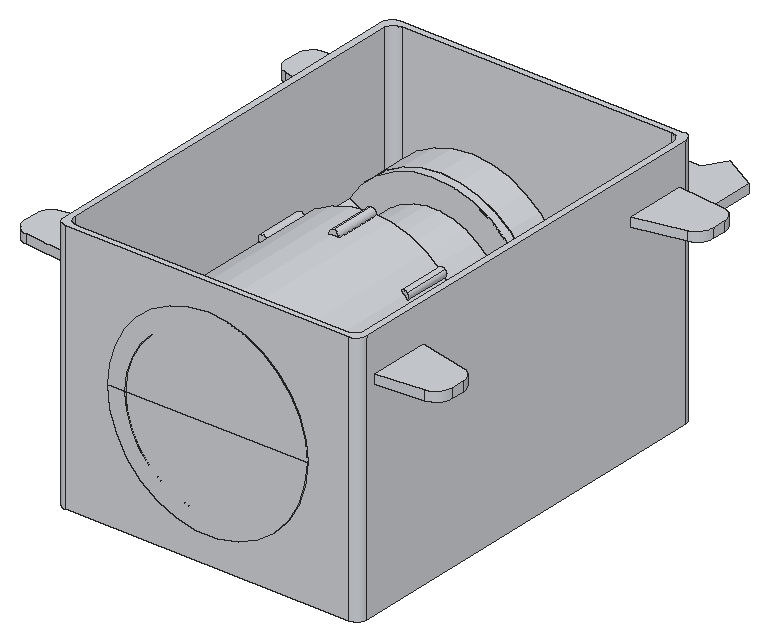
Revit family
Parameters
  Waste Connection = no
  Vent Connection = no
  URL = "www.SiouxChief.com"
  Model = "696-12P"
  Manufacturer = "Sioux Chief Manufacturing"
  Inlet Connector Type = ""
  HW Connection = no
  Frame Visibility [instance] = no
  Description = "2\" TurboVet w/Oxbox"
  Default Elevation = 40.00"
  CW Connection = no
Reference planes (in)
  plane 1 "Center (Front/Back)": y = 0
  plane 2: z = 0
  plane 3 "Center (Left/Right)": x = 0
Forms (in)
  Extrusion 1, solid, not visible
    sketch origin (0, 0, 0) x (1, 0, 0) y (0, 1, 0)
      loop
        line (-48, 48) -> (-48, -48) -> (48, -48) -> (48, 48) -> (-48, 48)
    from 0 to -12
  Extrusion 2, solid
    sketch origin (-7.70397, -2.8125, -0.625) x (1, 0, 0) y (0, 1, 0)
      loop
        line (9.74457, 5.38) -> (9.74457, 4.5495) -> (10.41144, 4.7033)
        arc (10.41144, 4.7033) -> (10.53349, 4.78027) -> (10.58107, 4.9165) r 0.2188
        line (10.58107, 4.9165) -> (10.58107, 5.0987)
        arc (10.58107, 5.0987) -> (10.52446, 5.24556) -> (10.38392, 5.31643) r 0.2188
        line (10.38392, 5.31643) -> (9.74457, 5.38)
    from 0 to 0.125
  Extrusion 3, solid
    sketch origin (7.70397, -2.8125, -0.625) x (-1, 0, 0) y (0, -1, 0)
      loop
        line (9.74457, -5.38) -> (10.38392, -5.31643)
        arc (10.38392, -5.31643) -> (10.52446, -5.24556) -> (10.58107, -5.0987) r 0.2188
        line (10.58107, -5.0987) -> (10.58107, -4.9165)
        arc (10.58107, -4.9165) -> (10.53349, -4.78027) -> (10.41144, -4.7033) r 0.2188
        line (10.41144, -4.7033) -> (9.74457, -4.5495) -> (9.74457, -5.38)
    from 0 to 0.125
  Extrusion 4, solid
    sketch origin (-7.70397, 2.8125, -0.625) x (1, 0, 0) y (0, 1, 0)
      loop
        line (9.74457, -5.38) -> (10.38392, -5.31643)
        arc (10.38392, -5.31643) -> (10.52446, -5.24556) -> (10.58107, -5.0987) r 0.2188
        line (10.58107, -5.0987) -> (10.58107, -4.9165)
        arc (10.58107, -4.9165) -> (10.53349, -4.78027) -> (10.41144, -4.7033) r 0.2188
        line (10.41144, -4.7033) -> (9.74457, -4.5495) -> (9.74457, -5.38)
    from 0 to 0.125
  Extrusion 5, solid
    sketch origin (7.70397, 2.8125, -0.625) x (-1, 0, 0) y (0, -1, 0)
      loop
        line (9.74457, 5.38) -> (9.74457, 4.5495) -> (10.41144, 4.7033)
        arc (10.41144, 4.7033) -> (10.53349, 4.78027) -> (10.58107, 4.9165) r 0.2188
        line (10.58107, 4.9165) -> (10.58107, 5.0987)
        arc (10.58107, 5.0987) -> (10.52446, 5.24556) -> (10.38392, 5.31643) r 0.2188
        line (10.38392, 5.31643) -> (9.74457, 5.38)
    from 0 to 0.125
  Extrusion 6, void
    sketch origin (0, -2.8125, -3.75) x (1, 0, 0) y (0, 1, 0)
      loop
        arc (-1.81428, 5.535) -> (-1.91067, 5.49507) -> (-1.9506, 5.39868) r 0.13632
        line (-1.9506, 5.39868) -> (-1.9506, 0.21279)
        arc (-1.9506, 0.21279) -> (-1.91067, 0.11639) -> (-1.81428, 0.07647) r 0.13632
        line (-1.81428, 0.07647) -> (1.81428, 0.07647)
        arc (1.81428, 0.07647) -> (1.91067, 0.11639) -> (1.9506, 0.21279) r 0.13632
        line (1.9506, 0.21279) -> (1.9506, 5.39868)
        arc (1.9506, 5.39868) -> (1.91067, 5.49507) -> (1.81428, 5.535) r 0.13632
        line (1.81428, 5.535) -> (-1.81428, 5.535)
    from 0.47737 to 3.75
  Extrusion 7, solid
    sketch origin (7, -2.8125, -3.75) x (1, 0, 0) y (0, 1, 0)
      loop
        arc (-8.90741, 5.625) -> (-9.00159, 5.58599) -> (-9.0406, 5.49181) r 0.13319
        line (-9.0406, 5.49181) -> (-9.0406, 0.13319)
        arc (-9.0406, 0.13319) -> (-9.00159, 0.03901) -> (-8.90741, 0) r 0.13319
        line (-8.90741, 0) -> (-5.09259, 0)
        arc (-5.09259, 0) -> (-4.99841, 0.03901) -> (-4.9594, 0.13319) r 0.13319
        line (-4.9594, 0.13319) -> (-4.9594, 5.49181)
        arc (-4.9594, 5.49181) -> (-4.99841, 5.58599) -> (-5.09259, 5.625) r 0.13319
        line (-5.09259, 5.625) -> (-8.90741, 5.625)
    from 0.33616 to 3.75
  Extrusion 8, solid
    sketch origin (7, -2.8125, -4.09216) x (1, 0, 0) y (0, 1, 0)
      loop
        line (-8.5603, 6.3475) -> (-8.7288, 6.62451) -> (-9.1936, 6.35561) -> (-9.1936, 5.62871) -> (-9.0406, 5.47571) -> (-8.85627, 5.625) -> (-5.10627, 5.625) -> (-4.95819, 5.47692) -> (-4.8064, 5.62871) -> (-4.8064, 6.35561) -> (-5.2712, 6.62451) -> (-5.4397, 6.3475) -> (-8.5603, 6.3475)
    from 3.125 to 3.25
  Sweep 9, solid, not visible
    path origin (0, 0, 0) x (1, 0, 0) y (0, 0, 1)
      loop
        line (-1.7174, 2.5401) -> (-1.7174, -2.5401) -> (1.7174, -2.5401) -> (1.7174, 2.5401) -> (-1.7174, 2.5401)
    profile origin (-1.7174, 0, 0) x (0, -1, 0) y (1, 0, 0)
      loop
        line (0, 0) -> (0, -1.1782) -> (0.125, -1.1782)
        arc (0.125, -1.1782) -> (0.18244, -0.8066) -> (0.29371, -0.44742) r 2.55875
        arc (0.29371, -0.44742) -> (0.35615, -0.22767) -> (0.375, 0) r 1.17785
        line (0.375, 0) -> (0, 0)
  Sweep 10, solid, visible <- "Frame Visibility"
    path origin (0, 0, 0) x (1, 0, 0) y (0, 1, 0)
      loop
        line (-1.7174, 2.5401) -> (-1.7174, -2.5401) -> (1.7174, -2.5401) -> (1.7174, 2.5401) -> (-1.7174, 2.5401)
    profile origin (-1.7174, 0, 0) x (1, 0, 0) y (0, 0, 1)
      loop
        line (0, 0) -> (0, 0.375)
        arc (0, 0.375) -> (-0.22767, 0.35615) -> (-0.44742, 0.29371) r 1.17785
        arc (-0.44742, 0.29371) -> (-0.8066, 0.18244) -> (-1.1782, 0.125) r 2.55875
        line (-1.1782, 0.125) -> (-1.1782, 0) -> (0, 0)
  Revolve 11, solid, not visible
    sketch origin (0, 0, 0) x (1, 0, 0) y (0, 0, 1)
      loop
        line (0, 0) -> (1.167, 0) -> (1.167, 0.7565) -> (1.21535, 0.7565)
        arc (1.21535, 0.7565) -> (1.27521, 0.78129) -> (1.3, 0.84115) r 0.08465
        line (1.3, 0.84115) -> (1.3, 1.8034) -> (0, 1.8034) -> (0, 0)
      axis (0, 1.8034) -> (0, 0)
    angle from 0 to 360
  Extrusion 12, void, not visible
    sketch origin (0.93075, -180, 0.7565) x (0, -1, 0) y (-1, 0, 0)
      loop
        line (-179.53502, 0.12538) -> (-179.35, -0.19508)
        arc (-179.35, -0.19508) -> (-178.7, 0.93075) -> (-179.35, 2.05658) r 1.3
        line (-179.35, 2.05658) -> (-179.53502, 1.73612)
        arc (-179.53502, 1.73612) -> (-179.07004, 0.93075) -> (-179.53502, 0.12538) r 0.92996
    from 0 to -0.9219
  Extrusion 13, void, not visible
    sketch origin (0.93075, 180, 0.7565) x (0, -1, 0) y (-1, 0, 0)
      loop
        arc (179.53502, 0.12538) -> (179.07004, 0.93075) -> (179.53502, 1.73612) r 0.92996
        line (179.53502, 1.73612) -> (179.35, 2.05658)
        arc (179.35, 2.05658) -> (178.7, 0.93075) -> (179.35, -0.19508) r 1.3
        line (179.35, -0.19508) -> (179.53502, 0.12538)
    from 0 to -0.9219
  Extrusion 14, void, not visible
    sketch origin (0.93075, -180, 0.7565) x (0, -1, 0) y (-1, 0, 0)
      loop
        line (-180.0755, 1.00322) -> (-180.0755, 0.84882) -> (-179.9245, 0.84882) -> (-179.9245, 1.00322) -> (-180.0755, 1.00322)
    from 0 to 0.7565
  Revolve 15, solid, not visible
    sketch origin (0, 0, 0) x (1, 0, 0) y (0, 0, 1)
      loop
        line (0, 0.62783) -> (0, -2.12217) -> (1.34375, -2.12217) -> (1.34375, 0.62783) -> (0, 0.62783)
      axis (0, 0.62783) -> (0, -2.12217)
    angle from 0 to 360
  Extrusion 16, solid, not visible
    sketch origin (0.93075, -180, 0.7565) x (0, -1, 0) y (-1, 0, 0)
      loop
        circle (-180, 2.2745) r 0.0625
      loop
        circle (-180.95017, 1.88092) r 0.0625
      loop
        circle (-178.65625, 0.93075) r 0.0625
      loop
        circle (-180, -0.413) r 0.0625
      loop
        circle (-180.95017, -0.01942) r 0.0625
      loop
        circle (-179.04983, 1.88092) r 0.0625
      loop
        circle (-179.04983, -0.01942) r 0.0625
      loop
        circle (-181.34375, 0.93075) r 0.0625
    from 0.12867 to 0.7565
  Extrusion 17, void, not visible
    sketch origin (0, 0, -2.12217) x (1, 0, 0) y (0, -1, 0)
      loop
        circle (0, 0) r 1.10764
    from -2.75 to 1.19319
  Revolve 18, solid, not visible
    sketch origin (0, 0, 0) x (1, 0, 0) y (0, 0, 1)
      loop
        line (0, 1.8034) -> (0, 2.3182) -> (-1.3, 2.3182) -> (-1.3, 1.8034) -> (0, 1.8034)
      axis (0, 2.3182) -> (0, 1.8034)
    angle from 0 to 360
  Revolve 19, solid, not visible
    sketch origin (0, 0, 0) x (1, 0, 0) y (0, 0, 1)
      loop
        line (-1.3, 1.8034) -> (0, 1.8034) -> (0, 2.3182) -> (-1.3, 2.3182) -> (-1.3, 1.8034)
      axis (0, 2.3182) -> (0, 1.8034)
    angle from 0 to 360
  Revolve 20, solid, not visible
    sketch origin (0, 0, 0) x (1, 0, 0) y (0, 0, 1)
      loop
        line (-1.3, 1.8034) -> (0, 1.8034) -> (0, 2.3182) -> (-1.3, 2.3182) -> (-1.3, 1.8034)
      axis (0, 2.3182) -> (0, 1.8034)
    angle from 0 to 360
  Revolve 21, solid
    sketch origin (0.00283, -0.69033, -1.71133) x (1, 0, 0) y (0, 1, 0)
      loop
        line (0, 0) -> (1.167, 0) -> (1.167, 0.7565) -> (1.21535, 0.7565)
        arc (1.21535, 0.7565) -> (1.27521, 0.78129) -> (1.3, 0.84115) r 0.08465
        line (1.3, 0.84115) -> (1.3, 1.8034) -> (0, 1.8034) -> (0, 0)
      axis (0, 1.8034) -> (0, 0)
    angle from 0 to 360
  Extrusion 22, void
    sketch origin (0.93358, 0.06617, 178.28867) x (1, 0, 0) y (0, 0, 1)
      loop
        line (-0.12538, -179.53502) -> (0.19508, -179.35)
        arc (0.19508, -179.35) -> (-0.93075, -178.7) -> (-2.05658, -179.35) r 1.3
        line (-2.05658, -179.35) -> (-1.73612, -179.53502)
        arc (-1.73612, -179.53502) -> (-0.93075, -179.07004) -> (-0.12538, -179.53502) r 0.92996
    from 0 to -0.9219
  Extrusion 23, void
    sketch origin (0.93358, 0.06617, -181.71133) x (1, 0, 0) y (0, 0, 1)
      loop
        arc (-0.12538, 179.53502) -> (-0.93075, 179.07004) -> (-1.73612, 179.53502) r 0.92996
        line (-1.73612, 179.53502) -> (-2.05658, 179.35)
        arc (-2.05658, 179.35) -> (-0.93075, 178.7) -> (0.19508, 179.35) r 1.3
        line (0.19508, 179.35) -> (-0.12538, 179.53502)
    from 0 to -0.9219
  Extrusion 24, void
    sketch origin (0.93358, 0.06617, 178.28867) x (1, 0, 0) y (0, 0, 1)
      loop
        line (-1.00322, -180.0755) -> (-0.84882, -180.0755) -> (-0.84882, -179.9245) -> (-1.00322, -179.9245) -> (-1.00322, -180.0755)
    from 0 to 0.7565
  Revolve 25, solid
    sketch origin (0.00283, -0.69033, -1.71133) x (1, 0, 0) y (0, 1, 0)
      loop
        line (0, 0.62783) -> (0, -2.12217) -> (1.34375, -2.12217) -> (1.34375, 0.62783) -> (0, 0.62783)
      axis (0, 0.62783) -> (0, -2.12217)
    angle from 0 to 360
  Extrusion 26, solid
    sketch origin (0.93358, 0.06617, 178.28867) x (1, 0, 0) y (0, 0, 1)
      loop
        circle (-2.2745, -180) r 0.0625
      loop
        circle (-1.88092, -180.95017) r 0.0625
      loop
        circle (-0.93075, -178.65625) r 0.0625
      loop
        circle (0.413, -180) r 0.0625
      loop
        circle (0.01942, -180.95017) r 0.0625
      loop
        circle (-1.88092, -179.04983) r 0.0625
      loop
        circle (0.01942, -179.04983) r 0.0625
      loop
        circle (-0.93075, -181.34375) r 0.0625
    from 0.12867 to 0.7565
  Extrusion 27, void
    sketch origin (0.00283, -2.8125, -1.71133) x (0, 0, -1) y (1, 0, 0)
      loop
        circle (0, 0) r 1.10764
    from -2.75 to 0
  Revolve 28, solid
    sketch origin (0.00283, -0.69033, -1.71133) x (1, 0, 0) y (0, 1, 0)
      loop
        line (0, 1.8034) -> (0, 2.3182) -> (-1.3, 2.3182) -> (-1.3, 1.8034) -> (0, 1.8034)
      axis (0, 2.3182) -> (0, 1.8034)
    angle from 0 to 360
Cuts and joins
  Extrusion 6, Extrusion 24, Extrusion 27 cuts Extrusion 7
  Extrusion 22 cuts Revolve 21
  Extrusion 24 cuts Sweep 10
  Extrusion 24 cuts Revolve 25
  Extrusion 24 cuts Extrusion 26
Lines and regions (in)
  model lines
    curve 1: circle (2.6206, 2.1725, -0.5) r 0.09 normal (0, 0, 1)
    curve 2: circle (-2.6206, 2.1725, -0.5) r 0.09 normal (0, 0, -1)
    curve 3: circle (2.6206, -2.1725, -0.5) r 0.09 normal (0, 0, -1)
    curve 4: circle (-2.6206, -2.1725, -0.5) r 0.09 normal (0, 0, 1)
    curve 5: line (-0.2884, 2.8125, -0.84216) -> (-0.2884, 3.535, -0.84216)
    curve 6: line (0.3116, 2.8125, -0.84216) -> (0.3116, 3.535, -0.84216)
    curve 7: line (0.9116, 2.8125, -0.84216) -> (0.9116, 3.535, -0.84216)
    curve 8: line (-0.8884, 2.8125, -0.84216) -> (-0.8884, 3.535, -0.84216)
    curve 9: line (-1.4884, 2.8125, -0.84216) -> (-1.4884, 3.535, -0.84216)
    curve 10: line (1.5116, 2.8125, -0.84216) -> (1.5116, 3.535, -0.84216)
    curve 11: line (-1.6414, 2.8125, -0.84216) -> (-1.6414, 3.535, -0.84216)
    curve 12: line (-1.5603, 3.535, -0.84216) -> (-1.6414, 3.535, -0.84216)
    curve 13: line (-1.6414, 3.535, -0.84216) -> (-1.70032, 3.31511, -0.84216)
    curve 14: line (-1.70032, 3.31511, -0.84216) -> (-2.1936, 3.10261, -0.84216)
    curve 15: line (1.5603, 3.535, -0.84216) -> (1.6414, 3.535, -0.84216)
    curve 16: line (1.6414, 3.535, -0.84216) -> (1.70032, 3.31511, -0.84216)
    curve 17: line (1.70032, 3.31511, -0.84216) -> (2.1936, 3.10261, -0.84216)
    curve 18: line (-1.8226, 3.55987, -0.84216) -> (-1.8226, 3.37958, -0.84216)
    curve 19: line (-1.8226, 3.37958, -0.84216) -> (-2.00154, 3.3025, -0.84216)
    curve 20: line (-2.00154, 3.3025, -0.84216) -> (-2.00154, 3.48278, -0.84216)
    curve 21: line (-1.8226, 3.55987, -0.84216) -> (-2.00154, 3.48278, -0.84216)
    curve 22: line (1.8226, 3.55987, -0.84216) -> (1.8226, 3.37958, -0.84216)
    curve 23: line (1.8226, 3.37958, -0.84216) -> (2.00154, 3.3025, -0.84216)
    curve 24: line (2.00154, 3.3025, -0.84216) -> (2.00154, 3.48278, -0.84216)
    curve 25: line (1.8226, 3.55987, -0.84216) -> (2.00154, 3.48278, -0.84216)
    curve 74: line (0.87981, 1.62787, -1.71662) -> (1.24007, 1.62787, -1.71662)
    curve 75: arc (1.24007, 1.62787, -1.71662) -> (0.98092, 1.62787, -1.35339) -> (0.62044, 1.62787, -1.09043) r 1.39666
    curve 76: line (0.62044, 1.62787, -1.09043) -> (0.87518, 1.62787, -0.83569)
    curve 77: arc (0.87518, 1.62787, -0.83569) -> (0.43509, 1.62787, -0.7621) -> (-0.00574, 1.62787, -0.83106) r 1.39666
    curve 78: line (-0.00574, 1.62787, -0.83106) -> (-0.00574, 1.62787, -0.4708)
    curve 79: arc (-0.00574, 1.62787, -0.4708) -> (-0.36897, 1.62787, -0.72995) -> (-0.63192, 1.62787, -1.09043) r 1.39666
    curve 80: line (-0.63192, 1.62787, -1.09043) -> (-0.88667, 1.62787, -0.83569)
    curve 81: arc (-0.88667, 1.62787, -0.83569) -> (-0.96026, 1.62787, -1.27578) -> (-0.8913, 1.62787, -1.71662) r 1.39666
    curve 82: line (-0.8913, 1.62787, -1.71662) -> (-1.25156, 1.62787, -1.71662)
    curve 83: arc (-1.25156, 1.62787, -1.71662) -> (-0.99241, 1.62787, -2.07984) -> (-0.63192, 1.62787, -2.3428) r 1.39666
    curve 84: line (-0.63192, 1.62787, -2.3428) -> (-0.88667, 1.62787, -2.59754)
    curve 85: arc (-0.88667, 1.62787, -2.59754) -> (-0.44658, 1.62787, -2.67113) -> (-0.00574, 1.62787, -2.60217) r 1.39666
    curve 86: line (-0.00574, 1.62787, -2.60217) -> (-0.00574, 1.62787, -2.96243)
    curve 87: arc (-0.00574, 1.62787, -2.96243) -> (0.35748, 1.62787, -2.70328) -> (0.62044, 1.62787, -2.3428) r 1.39666
    curve 88: line (0.62044, 1.62787, -2.3428) -> (0.87518, 1.62787, -2.59754)
    curve 89: arc (0.87518, 1.62787, -2.59754) -> (0.94877, 1.62787, -2.15745) -> (0.87981, 1.62787, -1.71662) r 1.39666
  model lines, not visible
    curve 26: line (0.88555, 0, 2.3182) -> (1.24582, 0, 2.3182)
    curve 27: arc (1.24582, 0, 2.3182) -> (0.98666, -0.36322, 2.3182) -> (0.62618, -0.62618, 2.3182) r 1.39666
    curve 28: line (0.62618, -0.62618, 2.3182) -> (0.88093, -0.88093, 2.3182)
    curve 29: arc (0.88093, -0.88093, 2.3182) -> (0.44084, -0.95451, 2.3182) -> (0, -0.88555, 2.3182) r 1.39666
    curve 30: line (0, -0.88555, 2.3182) -> (0, -1.24582, 2.3182)
    curve 31: arc (0, -1.24582, 2.3182) -> (-0.36322, -0.98666, 2.3182) -> (-0.62618, -0.62618, 2.3182) r 1.39666
    curve 32: line (-0.62618, -0.62618, 2.3182) -> (-0.88093, -0.88093, 2.3182)
    curve 33: arc (-0.88093, -0.88093, 2.3182) -> (-0.95451, -0.44084, 2.3182) -> (-0.88555, 0, 2.3182) r 1.39666
    curve 34: line (-0.88555, 0, 2.3182) -> (-1.24582, 0, 2.3182)
    curve 35: arc (-1.24582, 0, 2.3182) -> (-0.98666, 0.36322, 2.3182) -> (-0.62618, 0.62618, 2.3182) r 1.39666
    curve 36: line (-0.62618, 0.62618, 2.3182) -> (-0.88093, 0.88093, 2.3182)
    curve 37: arc (-0.88093, 0.88093, 2.3182) -> (-0.44084, 0.95451, 2.3182) -> (0, 0.88555, 2.3182) r 1.39666
    curve 38: line (0, 0.88555, 2.3182) -> (0, 1.24582, 2.3182)
    curve 39: arc (0, 1.24582, 2.3182) -> (0.36322, 0.98666, 2.3182) -> (0.62618, 0.62618, 2.3182) r 1.39666
    curve 40: line (0.62618, 0.62618, 2.3182) -> (0.88093, 0.88093, 2.3182)
    curve 41: arc (0.88093, 0.88093, 2.3182) -> (0.95451, 0.44084, 2.3182) -> (0.88555, 0, 2.3182) r 1.39666
    curve 42: line (0.88555, 0, 2.3182) -> (1.24582, 0, 2.3182)
    curve 43: arc (1.24582, 0, 2.3182) -> (0.98666, -0.36322, 2.3182) -> (0.62618, -0.62618, 2.3182) r 1.39666
    curve 44: line (0.62618, -0.62618, 2.3182) -> (0.88093, -0.88093, 2.3182)
    curve 45: arc (0.88093, -0.88093, 2.3182) -> (0.44084, -0.95451, 2.3182) -> (0, -0.88555, 2.3182) r 1.39666
    curve 46: line (0, -0.88555, 2.3182) -> (0, -1.24582, 2.3182)
    curve 47: arc (0, -1.24582, 2.3182) -> (-0.36322, -0.98666, 2.3182) -> (-0.62618, -0.62618, 2.3182) r 1.39666
    curve 48: line (-0.62618, -0.62618, 2.3182) -> (-0.88093, -0.88093, 2.3182)
    curve 49: arc (-0.88093, -0.88093, 2.3182) -> (-0.95451, -0.44084, 2.3182) -> (-0.88555, 0, 2.3182) r 1.39666
    curve 50: line (-0.88555, 0, 2.3182) -> (-1.24582, 0, 2.3182)
    curve 51: arc (-1.24582, 0, 2.3182) -> (-0.98666, 0.36322, 2.3182) -> (-0.62618, 0.62618, 2.3182) r 1.39666
    curve 52: line (-0.62618, 0.62618, 2.3182) -> (-0.88093, 0.88093, 2.3182)
    curve 53: arc (-0.88093, 0.88093, 2.3182) -> (-0.44084, 0.95451, 2.3182) -> (0, 0.88555, 2.3182) r 1.39666
    curve 54: line (0, 0.88555, 2.3182) -> (0, 1.24582, 2.3182)
    curve 55: arc (0, 1.24582, 2.3182) -> (0.36322, 0.98666, 2.3182) -> (0.62618, 0.62618, 2.3182) r 1.39666
    curve 56: line (0.62618, 0.62618, 2.3182) -> (0.88093, 0.88093, 2.3182)
    curve 57: arc (0.88093, 0.88093, 2.3182) -> (0.95451, 0.44084, 2.3182) -> (0.88555, 0, 2.3182) r 1.39666
    curve 58: line (0.87698, 0.00528, 2.3182) -> (1.23725, 0.00528, 2.3182)
    curve 59: arc (1.23725, 0.00528, 2.3182) -> (0.97809, -0.35794, 2.3182) -> (0.61761, -0.6209, 2.3182) r 1.39666
    curve 60: line (0.61761, -0.6209, 2.3182) -> (0.87236, -0.87565, 2.3182)
    curve 61: arc (0.87236, -0.87565, 2.3182) -> (0.43227, -0.94923, 2.3182) -> (-0.00857, -0.88027, 2.3182) r 1.39666
    curve 62: line (-0.00857, -0.88027, 2.3182) -> (-0.00857, -1.24054, 2.3182)
    curve 63: arc (-0.00857, -1.24054, 2.3182) -> (-0.37179, -0.98138, 2.3182) -> (-0.63475, -0.6209, 2.3182) r 1.39666
    curve 64: line (-0.63475, -0.6209, 2.3182) -> (-0.8895, -0.87565, 2.3182)
    curve 65: arc (-0.8895, -0.87565, 2.3182) -> (-0.96308, -0.43556, 2.3182) -> (-0.89412, 0.00528, 2.3182) r 1.39666
    curve 66: line (-0.89412, 0.00528, 2.3182) -> (-1.25439, 0.00528, 2.3182)
    curve 67: arc (-1.25439, 0.00528, 2.3182) -> (-0.99523, 0.3685, 2.3182) -> (-0.63475, 0.63146, 2.3182) r 1.39666
    curve 68: line (-0.63475, 0.63146, 2.3182) -> (-0.8895, 0.88621, 2.3182)
    curve 69: arc (-0.8895, 0.88621, 2.3182) -> (-0.44941, 0.95979, 2.3182) -> (-0.00857, 0.89083, 2.3182) r 1.39666
    curve 70: line (-0.00857, 0.89083, 2.3182) -> (-0.00857, 1.2511, 2.3182)
    curve 71: arc (-0.00857, 1.2511, 2.3182) -> (0.35465, 0.99194, 2.3182) -> (0.61761, 0.63146, 2.3182) r 1.39666
    curve 72: line (0.61761, 0.63146, 2.3182) -> (0.87236, 0.88621, 2.3182)
    curve 73: arc (0.87236, 0.88621, 2.3182) -> (0.94594, 0.44612, 2.3182) -> (0.87698, 0.00528, 2.3182) r 1.39666
Dimensions and locks (in)
  locked: cut or joined group of Extrusion 6, Extrusion 7, Extrusion 24, Extrusion 27 to plane 1 "Center (Front/Back)" at 2.8125
  locked: cut or joined group of Extrusion 6, Extrusion 7, Extrusion 24, Extrusion 27 to cut or joined group of Extrusion 6, Extrusion 7, Extrusion 24, Extrusion 27 at 5.625
  aligned and locked: plane 2 to Extrusion 1
  aligned and locked: level to Extrusion 1
  aligned and locked: Extrusion 7 to Extrusion 2
  aligned: Extrusion 7 to level
  aligned and locked: Extrusion 2 to Extrusion 4
  aligned and locked: Extrusion 6 to Extrusion 7
Connectors (in)
  piping at (0.00283, -2.8125, -1.71133)
    settings: on cut or joined group of Extrusion 6, Extrusion 7, Extrusion 24, Extrusion 27, index 1, connector radius 1", flow factor 0, pipe flow 0 GPM, pressure drop 0.00 psi, fitting loss kfactor 0, connector angle 0.00°, fixture units 0, flow configuration 0, flow direction 1, fitting loss method 0, system type 22, connector reference index -1, connector utility 0, adjustable connector no, is connector primary yes, fitting loss table "", connector description "2\" PVC"
